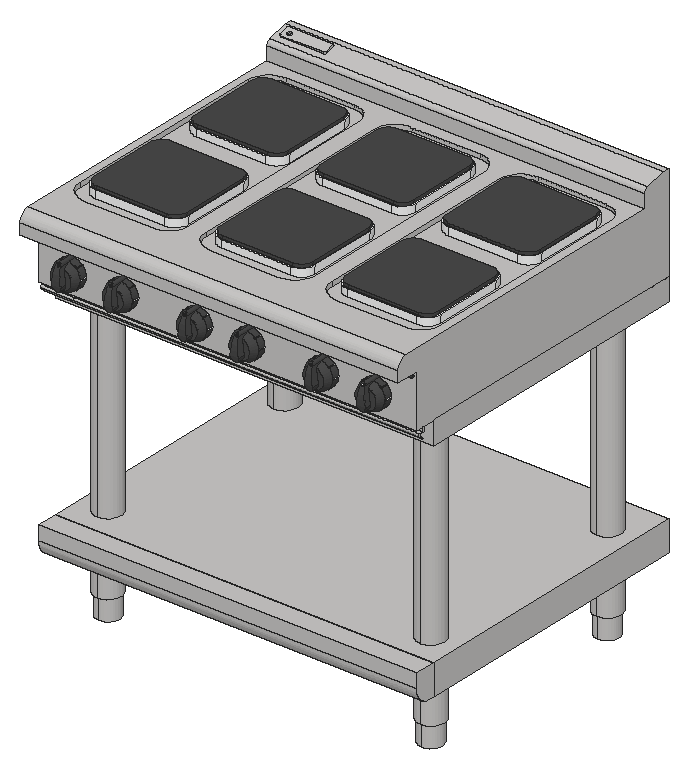
Revit family "QF_Moffat_RNL8600SE-LS_Electric_Cooktops_Sealed_Hobs_cat", category Specialty Equipment, Revit 2019
Family settings
  Round Connector Dimension = Use Diameter
  Part Type = Normal
  Work Plane-Based = No
  Always vertical = Yes
  Cut with Voids When Loaded = No
  Shared = No
  Room Calculation Point = No
Parameters (values of type "QF_Moffat_RNL8600SE-LS")
  Weight in Kilograms = 90
  Watts = 9130 W
  Volts = 415 V
  URL Cutsheet = ""
  Specification by User = ""
  Specification by Manufacturer = ""
  Serial Number = ""
  Seismic Rating = ""
  SMACNA No = ""
  Revision Code = ""
  Phase = 3
  Number of Poles = 1
  NAFEM Spec ID Number = ""
  Model = "RNL8600SE-LS"
  Min Ckt Ampacity = 0 A
  Max Overcurrent Protection = 0 A
  Masterspec = ""
  Manufacturer = "Moffat"
  Length = 900 mm
  Item Number = ""
  Installed By = ""
  Identify Quantity as Lot = yes
  Height = 970 mm
  HP = ""
  Furnished By = ""
  Foodservice Equipment Identifier = yes
  FL Amps = 22 A
  Electrical Remarks = ""
  Electric Connection Type = ""
  Elec Conn RI Height = 0 mm
  Elec Conn Connection Height = 0 mm
  Description = "Electric Cooktops Sealed Hobs"
  Depth = 805 mm
  Cycle = 60 Hz
  Conn Plug = ""
  Conn Conduit = yes
  CSI MasterFormat = ""
  Apparent Power = if(Phase = 3, Volts * FL Amps * 1.73, Volts * FL Amps)  # 15794.9 VA
Reference planes
  plane 1 "BACK": y = 0
  plane 2: z = 0
  plane 3 "LEFT": x = 0
  plane 4 "RIGHT": x = 900
  plane 5 "FRONT": y = -805
  plane 6 "TOP": z = 915
  plane 7 "Center Y": x = 450
  plane 8 "Center X": y = -402.5
  plane 9: x = 65.5
  plane 10: x = 87.5
  plane 11: x = 211.766
  plane 12: y = -30
  plane 13: x = 770
  plane 14: x = 512.5
  plane 15: x = 388.234
  plane 16: x = 834.5
  plane 17: y = -100
  plane 18: y = -625
  plane 19: x = 812.5
  plane 20: x = 688.234
  plane 21: z = 970
Forms (mm)
  Extrusion 1, solid, material "QF_Metal_Stainless_Polished"
    sketch origin (0, 0, 600) x (0, 1, 0) y (0, 0, 1)
      loop
        line (0, 140) -> (0, 370) -> (-15, 370) -> (-61.106, 357.646)
        arc (-61.106, 357.646) -> (-67.52, 353.36) -> (-70, 346.055) r 12
        line (-70, 346.055) -> (-70, 315) -> (-781, 315)
        arc (-781, 315) -> (-797.971, 307.971) -> (-805, 291) r 24
        line (-805, 291) -> (-805, 266) -> (-749, 266) -> (-749, 140) -> (0, 140)
    from 0 to 900
  Extrusion 2, void
    sketch origin (0, -773.8, 915) x (0, 1, 0) y (-1, 0, 0)
      loop
        arc (673.6, -69) -> (658.955, -33.645) -> (623.6, -19) r 50
        line (623.6, -19) -> (123.399, -19)
        arc (123.399, -19) -> (88.044, -33.645) -> (73.399, -69) r 50
        line (73.399, -69) -> (73.399, -231)
        arc (73.399, -231) -> (88.044, -266.355) -> (123.399, -281) r 50
        line (123.399, -281) -> (623.6, -281)
        arc (623.6, -281) -> (658.955, -266.355) -> (673.6, -231) r 50
        line (673.6, -231) -> (673.6, -69)
      loop
        line (673.6, -831) -> (673.6, -669)
        arc (673.6, -669) -> (658.955, -633.645) -> (623.6, -619) r 50
        line (623.6, -619) -> (123.399, -619)
        arc (123.399, -619) -> (88.044, -633.645) -> (73.399, -669) r 50
        line (73.399, -669) -> (73.399, -831)
        arc (73.399, -831) -> (88.044, -866.355) -> (123.399, -881) r 50
        line (123.399, -881) -> (623.6, -881)
        arc (623.6, -881) -> (658.955, -866.355) -> (673.6, -831) r 50
      loop
        line (73.399, -369) -> (73.399, -531)
        arc (73.399, -531) -> (88.044, -566.355) -> (123.399, -581) r 50
        line (123.399, -581) -> (623.6, -581)
        arc (623.6, -581) -> (658.955, -566.355) -> (673.6, -531) r 50
        line (673.6, -531) -> (673.6, -369)
        arc (673.6, -369) -> (658.955, -333.645) -> (623.6, -319) r 50
        line (623.6, -319) -> (123.399, -319)
        arc (123.399, -319) -> (88.044, -333.645) -> (73.399, -369) r 50
    from 0 to -9.5
  Extrusion 3, solid, material "QF_Plastic_White_Smooth"
    sketch origin (0, -773.8, 905.5) x (0, 1, 0) y (-1, 0, 0)
      loop
        arc (637.6, -68) -> (628.227, -45.373) -> (605.6, -36) r 32
        line (605.6, -36) -> (441.399, -36)
        arc (441.399, -36) -> (418.772, -45.373) -> (409.399, -68) r 32
        line (409.399, -68) -> (409.399, -232)
        arc (409.399, -232) -> (418.772, -254.627) -> (441.399, -264) r 32
        line (441.399, -264) -> (605.6, -264)
        arc (605.6, -264) -> (628.227, -254.627) -> (637.6, -232) r 32
        line (637.6, -232) -> (637.6, -68)
      loop
        arc (337.399, -68) -> (328.027, -45.373) -> (305.399, -36) r 32
        line (305.399, -36) -> (141.399, -36)
        arc (141.399, -36) -> (118.772, -45.373) -> (109.399, -68) r 32
        line (109.399, -68) -> (109.399, -232)
        arc (109.399, -232) -> (118.772, -254.627) -> (141.399, -264) r 32
        line (141.399, -264) -> (305.399, -264)
        arc (305.399, -264) -> (328.027, -254.627) -> (337.399, -232) r 32
        line (337.399, -232) -> (337.399, -68)
      loop
        arc (637.6, -368) -> (628.227, -345.373) -> (605.6, -336) r 32
        line (605.6, -336) -> (441.399, -336)
        arc (441.399, -336) -> (418.772, -345.373) -> (409.399, -368) r 32
        line (409.399, -368) -> (409.399, -532)
        arc (409.399, -532) -> (418.772, -554.627) -> (441.399, -564) r 32
        line (441.399, -564) -> (605.6, -564)
        arc (605.6, -564) -> (628.227, -554.627) -> (637.6, -532) r 32
        line (637.6, -532) -> (637.6, -368)
      loop
        arc (409.399, -832) -> (418.772, -854.627) -> (441.399, -864) r 32
        line (441.399, -864) -> (605.6, -864)
        arc (605.6, -864) -> (628.227, -854.627) -> (637.6, -832) r 32
        line (637.6, -832) -> (637.6, -668)
        arc (637.6, -668) -> (628.227, -645.373) -> (605.6, -636) r 32
        line (605.6, -636) -> (441.399, -636)
        arc (441.399, -636) -> (418.772, -645.373) -> (409.399, -668) r 32
        line (409.399, -668) -> (409.399, -832)
      loop
        arc (337.399, -368) -> (328.027, -345.373) -> (305.399, -336) r 32
        line (305.399, -336) -> (141.399, -336)
        arc (141.399, -336) -> (118.772, -345.373) -> (109.399, -368) r 32
        line (109.399, -368) -> (109.399, -532)
        arc (109.399, -532) -> (118.772, -554.627) -> (141.399, -564) r 32
        line (141.399, -564) -> (305.399, -564)
        arc (305.399, -564) -> (328.027, -554.627) -> (337.399, -532) r 32
        line (337.399, -532) -> (337.399, -368)
      loop
        arc (109.399, -832) -> (118.772, -854.627) -> (141.399, -864) r 32
        line (141.399, -864) -> (305.399, -864)
        arc (305.399, -864) -> (328.027, -854.627) -> (337.399, -832) r 32
        line (337.399, -832) -> (337.399, -668)
        arc (337.399, -668) -> (328.027, -645.373) -> (305.399, -636) r 32
        line (305.399, -636) -> (141.399, -636)
        arc (141.399, -636) -> (118.772, -645.373) -> (109.399, -668) r 32
        line (109.399, -668) -> (109.399, -832)
    from 0 to 17.8
  Extrusion 4, solid, material "QF_Plastic_Black_Smooth"
    sketch origin (0, -773.8, 923.3) x (0, 1, 0) y (-1, 0, 0)
      loop
        arc (633.6, -67) -> (625.692, -47.908) -> (606.6, -40) r 27
        line (606.6, -40) -> (440.399, -40)
        arc (440.399, -40) -> (421.308, -47.908) -> (413.399, -67) r 27
        line (413.399, -67) -> (413.399, -233)
        arc (413.399, -233) -> (421.308, -252.092) -> (440.399, -260) r 27
        line (440.399, -260) -> (606.6, -260)
        arc (606.6, -260) -> (625.692, -252.092) -> (633.6, -233) r 27
        line (633.6, -233) -> (633.6, -67)
      loop
        arc (333.399, -67) -> (325.491, -47.908) -> (306.399, -40) r 27
        line (306.399, -40) -> (140.399, -40)
        arc (140.399, -40) -> (121.308, -47.908) -> (113.399, -67) r 27
        line (113.399, -67) -> (113.399, -233)
        arc (113.399, -233) -> (121.308, -252.092) -> (140.399, -260) r 27
        line (140.399, -260) -> (306.399, -260)
        arc (306.399, -260) -> (325.491, -252.092) -> (333.399, -233) r 27
        line (333.399, -233) -> (333.399, -67)
      loop
        line (633.6, -833) -> (633.6, -667)
        arc (633.6, -667) -> (625.692, -647.908) -> (606.6, -640) r 27
        line (606.6, -640) -> (440.399, -640)
        arc (440.399, -640) -> (421.308, -647.908) -> (413.399, -667) r 27
        line (413.399, -667) -> (413.399, -833)
        arc (413.399, -833) -> (421.308, -852.092) -> (440.399, -860) r 27
        line (440.399, -860) -> (606.6, -860)
        arc (606.6, -860) -> (625.692, -852.092) -> (633.6, -833) r 27
      loop
        line (413.399, -367) -> (413.399, -533)
        arc (413.399, -533) -> (421.308, -552.092) -> (440.399, -560) r 27
        line (440.399, -560) -> (606.6, -560)
        arc (606.6, -560) -> (625.692, -552.092) -> (633.6, -533) r 27
        line (633.6, -533) -> (633.6, -367)
        arc (633.6, -367) -> (625.692, -347.908) -> (606.6, -340) r 27
        line (606.6, -340) -> (440.399, -340)
        arc (440.399, -340) -> (421.308, -347.908) -> (413.399, -367) r 27
      loop
        line (333.399, -833) -> (333.399, -667)
        arc (333.399, -667) -> (325.491, -647.908) -> (306.399, -640) r 27
        line (306.399, -640) -> (140.399, -640)
        arc (140.399, -640) -> (121.308, -647.908) -> (113.399, -667) r 27
        line (113.399, -667) -> (113.399, -833)
        arc (113.399, -833) -> (121.308, -852.092) -> (140.399, -860) r 27
        line (140.399, -860) -> (306.399, -860)
        arc (306.399, -860) -> (325.491, -852.092) -> (333.399, -833) r 27
      loop
        line (113.399, -367) -> (113.399, -533)
        arc (113.399, -533) -> (121.308, -552.092) -> (140.399, -560) r 27
        line (140.399, -560) -> (306.399, -560)
        arc (306.399, -560) -> (325.491, -552.092) -> (333.399, -533) r 27
        line (333.399, -533) -> (333.399, -367)
        arc (333.399, -367) -> (325.491, -347.908) -> (306.399, -340) r 27
        line (306.399, -340) -> (140.399, -340)
        arc (140.399, -340) -> (121.308, -347.908) -> (113.399, -367) r 27
    from 0 to 6.1
  Extrusion 5, solid, material "QF_Metal_Stainless_Polished"
    sketch origin (0, 0, 600) x (0, 1, 0) y (0, 0, 1)
      loop
        line (-699, 85) -> (0, 85) -> (0, 140) -> (-699, 140) -> (-699, 85)
    from 0 to 900
  Extrusion 6, solid, material "QF_Metal_Stainless_Polished"
    sketch origin (0, 0, 600) x (0, 1, 0) y (0, 0, 1)
      loop
        line (-730.6, 140) -> (-730.6, 130) -> (-740.105, 130)
        arc (-740.105, 130) -> (-743.076, 128.015) -> (-742.379, 124.511) r 3.215
        line (-742.379, 124.511) -> (-731.85, 113.982) -> (-730.719, 115.113) -> (-741.247, 125.642)
        arc (-741.247, 125.642) -> (-741.597, 127.403) -> (-740.105, 128.4) r 1.615
        line (-740.105, 128.4) -> (-729, 128.4) -> (-729, 140) -> (-730.6, 140)
    from 0 to 900
  Extrusion 7, solid, material "QF_Metal_Stainless_Polished"
    sketch origin (450, 175.397, 1819.2) x (0, 1, 0) y (0, 0, 1)
      loop
        line (-874.397, -1109.2) -> (-889.234, -1109.2)
        arc (-889.234, -1109.2) -> (-890.834, -1110.8) -> (-889.234, -1112.4) r 1.6
        line (-889.234, -1112.4) -> (-874.397, -1112.4) -> (-874.397, -1109.2)
    from -400 to 400
  Extrusion 8, solid, material "QF_Paint_Green"
    sketch origin (0, -749, 711.25) x (0, 0, 1) y (-1, 0, 0)
      loop
        circle (129.8, -732.5) r 7.15
      loop
        circle (129.8, -857.5) r 7.15
      loop
        circle (129.8, -431.766) r 7.15
      loop
        circle (129.8, -556.766) r 7.15
      loop
        circle (129.8, -131.031) r 7.15
      loop
        circle (129.8, -256.031) r 7.15
    from 0 to 1.6
  Extrusion 9, solid, material "QF_Plastic_Black_Smooth"
    sketch origin (0, -749, 711.25) x (0, 0, 1) y (-1, 0, 0)
      loop
        circle (142.343, -13.157) r 5
      loop
        circle (142.343, -886.843) r 5
    from 0 to 1.6
  Extrusion 10, solid, material "QF_Metal_Stainless_Polished"
    sketch origin (-6096, 287.266, 675) x (0, 1, 0) y (-1, 0, 0)
      loop
        circle (-317.266, -6866) r 6.35
    from 10 to 0
  Extrusion 11, solid, material "QF_Metal_Stainless_Polished"
    sketch origin (0, 0, 0) x (0, 1, 0) y (0, 0, 1)
      loop
        line (-749, 222.5) -> (-749, 188)
        arc (-749, 188) -> (-737.87, 161.13) -> (-711, 150) r 38
        line (-711, 150) -> (-699, 150) -> (-699, 222.5) -> (-749, 222.5)
    from 0 to 900
  Revolve 12, solid, material "QF_Metal_Stainless_Polished"
    sketch origin (65.5, -4572, -304.8) x (0, 0, -1) y (0, -1, 0)
      loop
        line (-304.8, -3947) -> (-989.8, -3947) -> (-989.8, -3978.75) -> (-354.8, -3978.75) -> (-354.8, -3974.5) -> (-304.8, -3974.5) -> (-304.8, -3947)
      axis (-989.8, -3947) -> (-304.8, -3947)
    angle from 0 to 360
  Revolve 13, solid, material "QF_Metal_Stainless_Polished"
    sketch origin (834.5, -4572, -304.8) x (0, 0, -1) y (0, 1, 0)
      loop
        line (-304.8, 3947) -> (-304.8, 3974.5) -> (-354.8, 3974.5) -> (-354.8, 3978.75) -> (-989.8, 3978.75) -> (-989.8, 3947) -> (-304.8, 3947)
      axis (-989.8, 3947) -> (-304.8, 3947)
    angle from 0 to 360
  Extrusion 14, solid, material "QF_Metal_Stainless_Polished"
    sketch origin (0, 0, 0) x (0, 1, 0) y (0, 0, 1)
      loop
        line (-699, 222.5) -> (-699, 150) -> (0, 150) -> (0, 222.5) -> (-699, 222.5)
    from 0 to 900
  Revolve 15, solid, material "QF_Metal_Stainless_Polished"
    sketch origin (834.5, 3847, -304.8) x (0, 0, -1) y (0, 1, 0)
      loop
        line (-304.8, -3947) -> (-989.8, -3947) -> (-989.8, -3978.75) -> (-354.8, -3978.75) -> (-354.8, -3974.5) -> (-304.8, -3974.5) -> (-304.8, -3947)
      axis (-989.8, -3947) -> (-304.8, -3947)
    angle from 0 to 360
  Revolve 16, solid, material "QF_Metal_Stainless_Polished"
    sketch origin (65.5, 3847, -304.8) x (0, 0, -1) y (0, -1, 0)
      loop
        line (-304.8, 3947) -> (-304.8, 3974.5) -> (-354.8, 3974.5) -> (-354.8, 3978.75) -> (-989.8, 3978.75) -> (-989.8, 3947) -> (-304.8, 3947)
      axis (-989.8, 3947) -> (-304.8, 3947)
    angle from 0 to 360
Cuts and joins
  Extrusion 2 cuts Extrusion 1
  joined: Extrusion 5, Extrusion 11
  joined: Revolve 12, Revolve 13, Extrusion 14, Revolve 15, Revolve 16
Lines and regions (mm)
  symbolic lines
    curve 1: line (0, 0, 0) -> (900, 0, 0)
    curve 2: line (0, -805, 0) -> (0, 0, 0)
    curve 3: line (900, -805, 0) -> (0, -805, 0)
    curve 4: line (900, 0, 0) -> (900, -805, 0)
    curve 5: arc (19, -150.2, 0) -> (33.645, -114.845, 0) -> (69, -100.2, 0) r 50
    curve 6: line (69, -100.2, 0) -> (231, -100.2, 0)
    curve 7: arc (231, -100.2, 0) -> (266.355, -114.845, 0) -> (281, -150.2, 0) r 50
    curve 8: line (281, -150.2, 0) -> (281, -650.401, 0)
    curve 9: arc (281, -650.401, 0) -> (266.355, -685.756, 0) -> (231, -700.401, 0) r 50
    curve 10: line (231, -700.401, 0) -> (69, -700.401, 0)
    curve 11: arc (69, -700.401, 0) -> (33.645, -685.756, 0) -> (19, -650.401, 0) r 50
    curve 12: line (19, -650.401, 0) -> (19, -150.2, 0)
    curve 13: line (232, -136.2, 0) -> (68, -136.2, 0)
    curve 14: arc (68, -136.2, 0) -> (45.373, -145.573, 0) -> (36, -168.2, 0) r 32
    curve 15: line (36, -168.2, 0) -> (36, -332.401, 0)
    curve 16: arc (36, -332.401, 0) -> (45.373, -355.028, 0) -> (68, -364.401, 0) r 32
    curve 17: line (68, -364.401, 0) -> (232, -364.401, 0)
    curve 18: arc (232, -364.401, 0) -> (254.627, -355.028, 0) -> (264, -332.401, 0) r 32
    curve 19: line (264, -332.401, 0) -> (264, -168.2, 0)
    curve 20: arc (264, -168.2, 0) -> (254.627, -145.573, 0) -> (232, -136.2, 0) r 32
    curve 21: line (233, -140.2, 0) -> (67, -140.2, 0)
    curve 22: arc (67, -140.2, 0) -> (47.908, -148.108, 0) -> (40, -167.2, 0) r 27
    curve 23: line (40, -167.2, 0) -> (40, -333.401, 0)
    curve 24: arc (40, -333.401, 0) -> (47.908, -352.492, 0) -> (67, -360.401, 0) r 27
    curve 25: line (67, -360.401, 0) -> (233, -360.401, 0)
    curve 26: arc (233, -360.401, 0) -> (252.092, -352.492, 0) -> (260, -333.401, 0) r 27
    curve 27: line (260, -333.401, 0) -> (260, -167.2, 0)
    curve 28: arc (260, -167.2, 0) -> (252.092, -148.108, 0) -> (233, -140.2, 0) r 27
    curve 29: line (232, -436.401, 0) -> (68, -436.401, 0)
    curve 30: arc (68, -436.401, 0) -> (45.373, -445.773, 0) -> (36, -468.401, 0) r 32
    curve 31: line (36, -468.401, 0) -> (36, -632.401, 0)
    curve 32: arc (36, -632.401, 0) -> (45.373, -655.028, 0) -> (68, -664.401, 0) r 32
    curve 33: line (68, -664.401, 0) -> (232, -664.401, 0)
    curve 34: arc (232, -664.401, 0) -> (254.627, -655.028, 0) -> (264, -632.401, 0) r 32
    curve 35: line (264, -632.401, 0) -> (264, -468.401, 0)
    curve 36: arc (264, -468.401, 0) -> (254.627, -445.773, 0) -> (232, -436.401, 0) r 32
    curve 37: line (233, -440.401, 0) -> (67, -440.401, 0)
    curve 38: arc (67, -440.401, 0) -> (47.908, -448.309, 0) -> (40, -467.401, 0) r 27
    curve 39: line (40, -467.401, 0) -> (40, -633.401, 0)
    curve 40: arc (40, -633.401, 0) -> (47.908, -652.492, 0) -> (67, -660.401, 0) r 27
    curve 41: line (67, -660.401, 0) -> (233, -660.401, 0)
    curve 42: arc (233, -660.401, 0) -> (252.092, -652.492, 0) -> (260, -633.401, 0) r 27
    curve 43: line (260, -633.401, 0) -> (260, -467.401, 0)
    curve 44: arc (260, -467.401, 0) -> (252.092, -448.309, 0) -> (233, -440.401, 0) r 27
    curve 45: arc (367, -440.401, 0) -> (347.908, -448.309, 0) -> (340, -467.401, 0) r 27
    curve 46: line (340, -467.401, 0) -> (340, -633.401, 0)
    curve 47: arc (340, -633.401, 0) -> (347.908, -652.492, 0) -> (367, -660.401, 0) r 27
    curve 48: line (367, -660.401, 0) -> (533, -660.401, 0)
    curve 49: arc (533, -660.401, 0) -> (552.092, -652.492, 0) -> (560, -633.401, 0) r 27
    curve 50: line (560, -633.401, 0) -> (560, -467.401, 0)
    curve 51: arc (560, -467.401, 0) -> (552.092, -448.309, 0) -> (533, -440.401, 0) r 27
    curve 52: line (533, -440.401, 0) -> (367, -440.401, 0)
    curve 53: arc (368, -436.401, 0) -> (345.373, -445.773, 0) -> (336, -468.401, 0) r 32
    curve 54: line (336, -468.401, 0) -> (336, -632.401, 0)
    curve 55: arc (336, -632.401, 0) -> (345.373, -655.028, 0) -> (368, -664.401, 0) r 32
    curve 56: line (368, -664.401, 0) -> (532, -664.401, 0)
    curve 57: arc (532, -664.401, 0) -> (554.627, -655.028, 0) -> (564, -632.401, 0) r 32
    curve 58: line (564, -632.401, 0) -> (564, -468.401, 0)
    curve 59: arc (564, -468.401, 0) -> (554.627, -445.773, 0) -> (532, -436.401, 0) r 32
    curve 60: line (532, -436.401, 0) -> (368, -436.401, 0)
    curve 61: line (319, -650.401, 0) -> (319, -150.2, 0)
    curve 62: arc (319, -150.2, 0) -> (333.645, -114.845, 0) -> (369, -100.2, 0) r 50
    curve 63: line (369, -100.2, 0) -> (531, -100.2, 0)
    curve 64: arc (531, -100.2, 0) -> (566.355, -114.845, 0) -> (581, -150.2, 0) r 50
    curve 65: line (581, -150.2, 0) -> (581, -650.401, 0)
    curve 66: arc (581, -650.401, 0) -> (566.355, -685.756, 0) -> (531, -700.401, 0) r 50
    curve 67: line (531, -700.401, 0) -> (369, -700.401, 0)
    curve 68: arc (369, -700.401, 0) -> (333.645, -685.756, 0) -> (319, -650.401, 0) r 50
    curve 69: arc (368, -136.2, 0) -> (345.373, -145.573, 0) -> (336, -168.2, 0) r 32
    curve 70: line (336, -168.2, 0) -> (336, -332.401, 0)
    curve 71: arc (336, -332.401, 0) -> (345.373, -355.028, 0) -> (368, -364.401, 0) r 32
    curve 72: line (368, -364.401, 0) -> (532, -364.401, 0)
    curve 73: arc (532, -364.401, 0) -> (554.627, -355.028, 0) -> (564, -332.401, 0) r 32
    curve 74: line (564, -332.401, 0) -> (564, -168.2, 0)
    curve 75: arc (564, -168.2, 0) -> (554.627, -145.573, 0) -> (532, -136.2, 0) r 32
    curve 76: line (532, -136.2, 0) -> (368, -136.2, 0)
    curve 77: arc (367, -140.2, 0) -> (347.908, -148.108, 0) -> (340, -167.2, 0) r 27
    curve 78: line (340, -167.2, 0) -> (340, -333.401, 0)
    curve 79: arc (340, -333.401, 0) -> (347.908, -352.492, 0) -> (367, -360.401, 0) r 27
    curve 80: line (367, -360.401, 0) -> (533, -360.401, 0)
    curve 81: arc (533, -360.401, 0) -> (552.092, -352.492, 0) -> (560, -333.401, 0) r 27
    curve 82: line (560, -333.401, 0) -> (560, -167.2, 0)
    curve 83: arc (560, -167.2, 0) -> (552.092, -148.108, 0) -> (533, -140.2, 0) r 27
    curve 84: line (533, -140.2, 0) -> (367, -140.2, 0)
    curve 85: line (619, -650.401, 0) -> (619, -150.2, 0)
    curve 86: arc (619, -150.2, 0) -> (633.645, -114.845, 0) -> (669, -100.2, 0) r 50
    curve 87: line (669, -100.2, 0) -> (831, -100.2, 0)
    curve 88: arc (831, -100.2, 0) -> (866.355, -114.845, 0) -> (881, -150.2, 0) r 50
    curve 89: line (881, -150.2, 0) -> (881, -650.401, 0)
    curve 90: line (831, -700.401, 0) -> (669, -700.401, 0)
    curve 91: arc (669, -700.401, 0) -> (633.645, -685.756, 0) -> (619, -650.401, 0) r 50
    curve 92: arc (636, -632.401, 0) -> (645.373, -655.028, 0) -> (668, -664.401, 0) r 32
    curve 93: line (668, -664.401, 0) -> (832, -664.401, 0)
    curve 94: arc (832, -664.401, 0) -> (854.627, -655.028, 0) -> (864, -632.401, 0) r 32
    curve 95: line (864, -632.401, 0) -> (864, -468.401, 0)
    curve 96: arc (864, -468.401, 0) -> (854.627, -445.773, 0) -> (832, -436.401, 0) r 32
    curve 97: line (832, -436.401, 0) -> (668, -436.401, 0)
    curve 98: arc (668, -436.401, 0) -> (645.373, -445.773, 0) -> (636, -468.401, 0) r 32
    curve 99: line (636, -468.401, 0) -> (636, -632.401, 0)
    curve 100: arc (640, -633.401, 0) -> (647.908, -652.492, 0) -> (667, -660.401, 0) r 27
    curve 101: line (667, -660.401, 0) -> (833, -660.401, 0)
    curve 102: arc (833, -660.401, 0) -> (852.092, -652.492, 0) -> (860, -633.401, 0) r 27
    curve 103: line (860, -633.401, 0) -> (860, -467.401, 0)
    curve 104: arc (860, -467.401, 0) -> (852.092, -448.309, 0) -> (833, -440.401, 0) r 27
    curve 105: line (833, -440.401, 0) -> (667, -440.401, 0)
    curve 106: arc (667, -440.401, 0) -> (647.908, -448.309, 0) -> (640, -467.401, 0) r 27
    curve 107: line (640, -467.401, 0) -> (640, -633.401, 0)
    curve 108: line (832, -136.2, 0) -> (668, -136.2, 0)
    curve 109: arc (668, -136.2, 0) -> (645.373, -145.573, 0) -> (636, -168.2, 0) r 32
    curve 110: line (636, -168.2, 0) -> (636, -332.401, 0)
    curve 111: arc (636, -332.401, 0) -> (645.373, -355.028, 0) -> (668, -364.401, 0) r 32
    curve 112: line (668, -364.401, 0) -> (832, -364.401, 0)
    curve 113: arc (832, -364.401, 0) -> (854.627, -355.028, 0) -> (864, -332.401, 0) r 32
    curve 114: line (864, -332.401, 0) -> (864, -168.2, 0)
    curve 115: arc (864, -168.2, 0) -> (854.627, -145.573, 0) -> (832, -136.2, 0) r 32
    curve 116: line (833, -140.2, 0) -> (667, -140.2, 0)
    curve 117: arc (667, -140.2, 0) -> (647.908, -148.108, 0) -> (640, -167.2, 0) r 27
    curve 118: line (640, -167.2, 0) -> (640, -333.401, 0)
    curve 119: arc (640, -333.401, 0) -> (647.908, -352.492, 0) -> (667, -360.401, 0) r 27
    curve 120: line (667, -360.401, 0) -> (833, -360.401, 0)
    curve 121: arc (833, -360.401, 0) -> (852.092, -352.492, 0) -> (860, -333.401, 0) r 27
    curve 122: line (860, -333.401, 0) -> (860, -167.2, 0)
    curve 123: arc (860, -167.2, 0) -> (852.092, -148.108, 0) -> (833, -140.2, 0) r 27
    curve 124: arc (831, -700.401, 0) -> (866.355, -685.756, 0) -> (881, -650.401, 0) r 50
    curve 125: line (0, -70, 0) -> (900, -70, 0)
    curve 126: line (0, -15, 0) -> (900, -15, 0)
Dimensions and locks
  equal spacing: plane 3 "LEFT", plane 7 "Center Y", plane 4 "RIGHT"
  "Length": plane 3 "LEFT" to plane 4 "RIGHT"
  equal spacing: plane 5 "FRONT", plane 8 "Center X", plane 1 "BACK"
  "Depth": plane 5 "FRONT" to plane 1 "BACK"
  plane 4 "RIGHT" to plane 3 "LEFT" = 900 mm
  plane 1 "BACK" to plane 5 "FRONT" = 805 mm
  plane 6 "TOP" to plane 2 = 915 mm
  cut or joined group of Extrusion 1, Extrusion 2 to plane 2 = 915 mm
  locked: plane 13 to plane 4 "RIGHT" at 130
  plane 9 to plane 16 = 769 mm
  plane 1 "BACK" to plane 17 = 100 mm
  plane 17 to plane 18 = 525 mm
  plane 1 "BACK" to plane 12 = 30 mm
  plane 5 "FRONT" to plane 1 "BACK" = 805 mm
  "Height": plane 21 to level
  aligned and locked: level to plane 2
Automatic sketch dimensions
  Extrusion 1 sketch curve to plane 5 "FRONT" = 0 mm
  Extrusion 1 sketch curve to plane 5 "FRONT" = 24 mm
  Extrusion 1 sketch curve to Extrusion 1 sketch curve = 32 mm
  Extrusion 1 sketch curve to Extrusion 1 sketch curve = 25 mm
  Extrusion 2 sketch curve to Extrusion 1 = 80.599 mm  (x3)
  Extrusion 2 sketch curve to Extrusion 2 sketch curve = 50 mm  (x8)
  Extrusion 2 sketch curve to Extrusion 2 sketch curve = 0 mm  (x4)
  Extrusion 1 to Extrusion 2 sketch curve = 19 mm  (x2)
  Extrusion 2 sketch curve to Extrusion 2 sketch curve = 162 mm  (x2)
  Extrusion 2 sketch curve to Extrusion 2 sketch curve = 38 mm  (x2)
  Extrusion 3 sketch curve to Extrusion 2 = 36 mm  (x3)
  Extrusion 3 sketch curve to Extrusion 3 sketch curve = 32 mm  (x17)
  Extrusion 3 sketch curve to Extrusion 2 = 17 mm  (x9)
  Extrusion 3 sketch curve to Extrusion 2 = 49 mm  (x5)
  Extrusion 3 sketch curve to Extrusion 3 sketch curve = 164 mm  (x3)
  Extrusion 3 sketch curve to Extrusion 3 sketch curve = 0 mm  (x2)
  Extrusion 3 sketch curve to Extrusion 3 sketch curve = 72 mm  (x3)
  Extrusion 3 sketch curve to Extrusion 2 = 68 mm  (x6)
  Extrusion 4 sketch curve to Extrusion 3 = 4 mm  (x22)
  Extrusion 4 sketch curve to Extrusion 3 = 31 mm  (x22)
  Extrusion 4 sketch curve to Extrusion 4 sketch curve = 27 mm  (x4)
  Extrusion 5 sketch curve to plane 1 "BACK" = 0 mm
  plane 18 to Extrusion 5 sketch curve = 74 mm
  Extrusion 5 sketch curve to Extrusion 5 sketch curve = 55 mm
  Extrusion 6 sketch curve to Extrusion 6 sketch curve = 0 mm  (x3)
  Extrusion 6 sketch curve to plane 5 "FRONT" = 62.621 mm
  Extrusion 6 sketch curve to Extrusion 6 sketch curve = 1.131 mm  (x3)
  Extrusion 6 sketch curve to Extrusion 6 sketch curve = 1.142 mm  (x2)
  Extrusion 6 sketch curve to Extrusion 6 sketch curve = 10.529 mm
  Extrusion 6 sketch curve to Extrusion 6 sketch curve = 9.505 mm
  Extrusion 6 sketch curve to Extrusion 6 sketch curve = 1.6 mm
  Extrusion 6 sketch curve to Extrusion 6 sketch curve = 10 mm
  plane 18 to Extrusion 7 sketch curve = 88.837 mm
  Extrusion 7 sketch curve to Extrusion 7 sketch curve = 14.837 mm
  Extrusion 7 sketch curve to Extrusion 7 sketch curve = 1.6 mm
  Extrusion 8 sketch curve to Extrusion 1 = 24.95 mm  (x6)
  Extrusion 1 to Extrusion 8 sketch curve = 42.5 mm
  Extrusion 8 sketch curve to Extrusion 8 sketch curve = 125 mm  (x3)
  Extrusion 8 sketch curve to Extrusion 8 sketch curve = 175.734 mm  (x2)
  Extrusion 9 sketch curve to Extrusion 1 = 12.407 mm  (x2)
  Extrusion 1 to Extrusion 9 sketch curve = 13.157 mm  (x2)
  plane 12 to Extrusion 10 sketch curve = 0 mm
  Extrusion 10 sketch curve to plane 13 = 0 mm
  Extrusion 11 sketch curve to plane 5 "FRONT" = 56 mm
  Extrusion 11 sketch curve to Extrusion 11 sketch curve = 12 mm
  Extrusion 11 sketch curve to Extrusion 11 sketch curve = 34.5 mm
  Revolve 12 sketch curve to plane 18 = 0 mm  (x2)
  Revolve 12 sketch curve to level = 0 mm  (x2)
  Revolve 12 sketch curve to Revolve 12 sketch curve = 50 mm
  Revolve 12 sketch curve to plane 18 = 27.5 mm
  Revolve 12 sketch curve to Revolve 12 sketch curve = 31.75 mm
  Revolve 12 sketch curve to Revolve 12 sketch curve = 35 mm
  Revolve 13 sketch curve to plane 18 = 0 mm  (x2)
  Revolve 13 sketch curve to level = 0 mm  (x2)
  level to Revolve 13 sketch curve = 50 mm
  Revolve 13 sketch curve to Revolve 13 sketch curve = 27.5 mm
  Revolve 13 sketch curve to Revolve 13 sketch curve = 31.75 mm
  Revolve 13 sketch curve to Revolve 13 sketch curve = 35 mm
  Extrusion 14 sketch curve to plane 1 "BACK" = 0 mm
  plane 18 to Extrusion 14 sketch curve = 74 mm
  Extrusion 14 sketch curve to Extrusion 14 sketch curve = 72.5 mm
  Revolve 15 sketch curve to plane 17 = 0 mm  (x2)
  Revolve 15 sketch curve to level = 0 mm  (x2)
  Revolve 15 sketch curve to Revolve 15 sketch curve = 50 mm
  plane 17 to Revolve 15 sketch curve = 27.5 mm
  Revolve 15 sketch curve to Revolve 15 sketch curve = 31.75 mm
  Revolve 15 sketch curve to level = 35 mm
  Revolve 16 sketch curve to plane 17 = 0 mm  (x2)
  Revolve 16 sketch curve to level = 0 mm  (x2)
  Revolve 16 sketch curve to Revolve 16 sketch curve = 50 mm
  Revolve 16 sketch curve to Revolve 16 sketch curve = 27.5 mm
  Revolve 16 sketch curve to Revolve 16 sketch curve = 31.75 mm
  Revolve 16 sketch curve to level = 35 mm
  plane 1 "BACK" to curve 1 = 0 mm
  curve 1 to plane 3 "LEFT" = 0 mm
  curve 4 to plane 4 "RIGHT" = 0 mm
  plane 5 "FRONT" to curve 3 = 0 mm
  plane 3 "LEFT" to curve 12 = 19 mm
  curve 12 to curve 15 = 17 mm
  plane 9 to curve 31 = 29.5 mm
  curve 31 to curve 39 = 4 mm
  curve 15 to curve 23 = 4 mm
  curve 24 to plane 9 = 1.5 mm
  curve 22 to plane 9 = 1.5 mm
  curve 40 to plane 9 = 1.5 mm
  curve 38 to plane 9 = 1.5 mm
  curve 22 to curve 14 = 1 mm
  curve 24 to curve 16 = 1 mm
  curve 33 to plane 9 = 2.5 mm
  curve 38 to curve 30 = 1 mm
  curve 5 to plane 9 = 3.5 mm
  curve 10 to plane 9 = 3.5 mm
  plane 11 to curve 7 = 19.234 mm
  plane 11 to curve 10 = 19.234 mm
  plane 11 to curve 36 = 20.234 mm
  curve 9 to curve 34 = 1 mm
  plane 11 to curve 17 = 20.234 mm
  curve 7 to curve 13 = 1 mm
  curve 33 to curve 41 = 1 mm
  curve 20 to curve 21 = 1 mm
  curve 36 to curve 44 = 1 mm  (x2)
  curve 17 to curve 25 = 1 mm
  curve 26 to curve 27 = 27 mm
  curve 44 to curve 43 = 27 mm
  curve 43 to curve 35 = 4 mm
  curve 26 to curve 19 = 4 mm
  curve 19 to curve 8 = 17 mm
  curve 8 to curve 61 = 38 mm
  curve 62 to curve 70 = 17 mm
  plane 15 to curve 54 = 52.234 mm
  curve 53 to curve 46 = 4 mm
  curve 69 to curve 78 = 4 mm
  plane 18 to curve 47 = 8.401 mm
  plane 15 to curve 47 = 21.234 mm
  plane 15 to curve 80 = 21.234 mm
  plane 15 to curve 77 = 21.234 mm
  plane 15 to curve 52 = 21.234 mm
  curve 47 to curve 55 = 1 mm
  curve 45 to curve 53 = 1 mm
  curve 77 to curve 76 = 1 mm
  curve 79 to curve 72 = 1 mm
  curve 48 to curve 68 = 2 mm
  plane 17 to curve 63 = 0.2 mm
  plane 15 to curve 63 = 19.234 mm
  plane 14 to curve 67 = 18.5 mm
  plane 14 to curve 63 = 18.5 mm
  plane 14 to curve 72 = 19.5 mm
  curve 66 to curve 56 = 1 mm
  curve 64 to curve 76 = 1 mm
  plane 14 to curve 59 = 19.5 mm
  curve 59 to curve 52 = 1 mm
  curve 73 to curve 80 = 1 mm
  curve 75 to curve 83 = 1 mm
  curve 57 to curve 49 = 1 mm
  curve 51 to curve 50 = 27 mm
  curve 83 to curve 82 = 27 mm
  curve 83 to curve 74 = 4 mm
  curve 50 to curve 58 = 4 mm
  curve 57 to curve 65 = 17 mm
  curve 64 to curve 85 = 38 mm
  plane 20 to curve 99 = 52.234 mm
  plane 20 to curve 110 = 52.234 mm
  curve 99 to curve 107 = 4 mm
  curve 110 to curve 118 = 4 mm
  plane 20 to curve 119 = 21.234 mm
  plane 20 to curve 117 = 21.234 mm
  plane 20 to curve 106 = 21.234 mm
  plane 20 to curve 101 = 21.234 mm
  curve 101 to curve 93 = 1 mm
  curve 119 to curve 112 = 1 mm
  curve 117 to curve 108 = 1 mm
  curve 106 to curve 97 = 1 mm
  plane 20 to curve 90 = 19.234 mm
  curve 116 to curve 86 = 2 mm
  plane 17 to curve 87 = 0.2 mm
  curve 87 to plane 16 = 3.5 mm
  curve 115 to plane 16 = 2.5 mm
  curve 112 to plane 16 = 2.5 mm
  curve 93 to plane 16 = 2.5 mm
  curve 97 to plane 16 = 2.5 mm
  curve 96 to curve 104 = 1 mm
  curve 116 to plane 16 = 1.5 mm
  curve 94 to curve 102 = 1 mm
  curve 113 to curve 121 = 1 mm
  plane 16 to curve 122 = 25.5 mm
  plane 16 to curve 103 = 25.5 mm
  curve 103 to curve 95 = 4 mm
  curve 121 to curve 114 = 4 mm
  plane 4 "RIGHT" to curve 89 = 19 mm
  plane 18 to curve 90 = 75.401 mm
  plane 18 to curve 10 = 75.401 mm
  curve 67 to curve 47 = 40 mm
  curve 56 to curve 48 = 4 mm
  curve 33 to curve 11 = 14 mm
  curve 33 to curve 41 = 4 mm
  curve 93 to curve 101 = 4 mm
  curve 36 to plane 8 "Center X" = 65.901 mm
  curve 53 to plane 8 "Center X" = 65.901 mm
  curve 99 to plane 8 "Center X" = 65.901 mm
  curve 53 to curve 45 = 1 mm
  curve 98 to curve 106 = 1 mm
  plane 8 "Center X" to curve 112 = 38.099 mm
  plane 8 "Center X" to curve 17 = 38.099 mm
  plane 8 "Center X" to curve 72 = 38.099 mm
  curve 112 to curve 120 = 4 mm
  curve 71 to curve 80 = 4 mm
  curve 17 to curve 25 = 4 mm
  plane 17 to curve 14 = 68.2 mm
  curve 69 to curve 62 = 18 mm
  curve 110 to curve 86 = 18 mm
  curve 69 to curve 77 = 1 mm
  curve 110 to curve 118 = 1 mm
  curve 14 to curve 22 = 1 mm
  curve 7 to curve 28 = 10 mm
  curve 90 to plane 16 = 3.5 mm
  curve 89 to curve 94 = 18 mm
  Extrusion 1 sketch curve to Extrusion 1 sketch curve = 126 mm
  Extrusion 5 sketch curve to plane 6 "TOP" = 230 mm
  Extrusion 6 sketch curve to plane 6 "TOP" = 201.018 mm
  Extrusion 7 sketch curve to plane 6 "TOP" = 208.2 mm
  Revolve 12 sketch curve to plane 6 "TOP" = 230 mm
  Revolve 13 sketch curve to plane 6 "TOP" = 230 mm
  Revolve 15 sketch curve to plane 6 "TOP" = 230 mm
  Revolve 16 sketch curve to plane 6 "TOP" = 230 mm
  Extrusion 11 sketch curve to Extrusion 11 sketch curve = 38 mm
  level to Extrusion 11 sketch curve = 150 mm
  level to Extrusion 14 sketch curve = 150 mm
  plane 12 to Extrusion 1 sketch curve = 31.106 mm
  Extrusion 1 sketch curve to Extrusion 1 sketch curve = 3.106 mm
  plane 6 "TOP" to Extrusion 1 sketch curve = 31.055 mm
  Extrusion 1 sketch curve to Extrusion 1 sketch curve = 11.591 mm
  plane 1 "BACK" to Extrusion 1 sketch curve = 15 mm
  Extrusion 1 sketch curve to Extrusion 1 sketch curve = 12.354 mm
  Extrusion 1 sketch curve to plane 1 "BACK" = 0 mm
  Extrusion 1 sketch curve to plane 6 "TOP" = 0 mm
  Extrusion 2 sketch curve to Extrusion 1 = 80.2 mm  (x3)
  curve 125 to plane 17 = 30 mm
  curve 126 to curve 1 = 15 mm
  radius of Extrusion 8 sketch curve = 7.15 mm  (x6)
  radius of Extrusion 9 sketch curve = 5 mm  (x2)
  radius of Extrusion 10 sketch curve = 6.35 mm
Nested families
  nested 1: "Knob" at (55.003, -749, 764.5), type "Knob"
  nested 2: "Knob" at (179.269, -749, 764.5), type "Knob"
  nested 3: "Knob" at (355.738, -749, 764.5), type "Knob"
  nested 4: "Knob" at (480.003, -749, 764.5), type "Knob"
  nested 5: "Knob" at (656.472, -749, 764.5), type "Knob"
  nested 6: "Knob" at (780.738, -749, 764.5), type "Knob"
  nested 7: "QF_LOGO_Waldorf" at (12, -21.368, 941.583), type "QF_LOGO_Waldorf"
Connectors
  electrical at (770, -30, 675), driven by "Volts", driven by "Watts"
    settings: on Extrusion 10, index 1, voltage 415 V, apparent load 9130 VA, apparent load phase1 0 VA, apparent load phase2 0 VA, apparent load phase3 0 VA, power factor 1, load classification "Other", number of poles 1, system type 30, power factor state 1, is connector primary yes, connector utility no, sub classification motor no, connector description "Electrical Connection"
Definition of nested family "Knob"
  Parameters (values of type "Knob")
    Weight in Pounds = 0
    URL Cutsheet = ""
    Specification by User = ""
    Specification by Manufacturer = ""
    Serial Number = ""
    Seismic Rating = ""
    SMACNA No = ""
    Revision Code = ""
    NAFEM Spec ID Number = ""
    Masterspec = ""
    Length = 65 mm
    Item Number = ""
    Installed By = ""
    Identify Quantity as Lot = yes
    Height = 69.5 mm
    Furnished By = ""
    Foodservice Equipment Identifier = yes
    Depth = 59 mm
    CSI MasterFormat = ""
  Reference planes
    plane 1 "BACK": y = 0
    plane 2: z = 0
    plane 3 "LEFT": x = 0
    plane 4 "RIGHT": x = 65
    plane 5 "FRONT": y = -59
    plane 6 "TOP": z = 69.5
    plane 7 "Center Y": x = 32.5
    plane 8 "Center X": y = -29.5
  Forms (mm)
    Revolve 1, solid
      sketch origin (32.5, 175.397, 1219.2) x (0, 1, 0) y (0, 0, 1)
        loop
          line (-175.397, -1186.7) -> (-219.397, -1186.7) -> (-219.397, -1211.501) -> (-202.106, -1219.2) -> (-185.397, -1219.2) -> (-185.397, -1191.7) -> (-175.397, -1191.7) -> (-175.397, -1186.7)
        axis (-219.397, -1186.7) -> (-175.397, -1186.7)
      angle from 0 to 360
    Extrusion 2, solid
      sketch origin (32.5, 175.397, 1219.2) x (0, 1, 0) y (0, 0, 1)
        loop
          line (-202.106, -1154.2) -> (-185.397, -1154.2) -> (-185.397, -1149.7) -> (-224.105, -1149.7)
          arc (-224.105, -1149.7) -> (-233.965, -1178.467) -> (-230.696, -1208.7) r 70
          line (-230.696, -1208.7) -> (-219.397, -1208.7) -> (-219.397, -1161.899) -> (-202.106, -1154.2)
      from -15 to 15
    Extrusion 3, void
      sketch origin (0, 0, 0) x (1, 0, 0) y (0, 0, 1)
        loop
          line (27.501, 64.613) -> (22.02, 20.585)
          arc (22.02, 20.585) -> (32.792, 10.488) -> (42.986, 21.169) r 10.487
          line (42.986, 21.169) -> (37.499, 64.613)
          arc (37.499, 64.613) -> (32.5, 69.5) -> (27.501, 64.613) r 5
        loop
          line (10, 72.977) -> (10, 5.625) -> (55, 5.625) -> (55, 72.977) -> (10, 72.977)
      from 6.142 to 69.687
    Extrusion 4, solid
      sketch origin (0, -34.115, -16.916) x (1, 0, 0) y (0, 0.45399, 0.891007)
        loop
          circle (32.497, 65) r 2
      from 51.525 to 53.075
    Extrusion 5, solid
      sketch origin (32.5, -10, 32.5) x (0, 0, -1) y (-1, 0, 0)
        loop
          line (-23.54, -22.408) -> (-24.106, -22.974)
          arc (-24.106, -22.974) -> (-23.547, -23.547) -> (-22.974, -24.106) r 33.3
          line (-22.974, -24.106) -> (-22.408, -23.54)
          arc (-22.408, -23.54) -> (-22.981, -22.981) -> (-23.54, -22.408) r 32.5
        loop
          arc (-0.8, -33.29) -> (0, -33.3) -> (0.8, -33.29) r 33.3
          line (0.8, -33.29) -> (0.8, -32.49)
          arc (0.8, -32.49) -> (0, -32.5) -> (-0.8, -32.49) r 32.5
          line (-0.8, -32.49) -> (-0.8, -33.29)
        loop
          arc (23.54, -22.408) -> (22.981, -22.981) -> (22.408, -23.54) r 32.5
          line (22.408, -23.54) -> (22.974, -24.106)
          arc (22.974, -24.106) -> (23.547, -23.547) -> (24.106, -22.974) r 33.3
          line (24.106, -22.974) -> (23.54, -22.408)
        loop
          arc (-23.54, 22.408) -> (-22.981, 22.981) -> (-22.408, 23.54) r 32.5
          line (-22.408, 23.54) -> (-22.974, 24.106)
          arc (-22.974, 24.106) -> (-23.547, 23.547) -> (-24.106, 22.974) r 33.3
          line (-24.106, 22.974) -> (-23.54, 22.408)
        loop
          line (-0.8, 33.29) -> (-0.8, 32.49)
          arc (-0.8, 32.49) -> (0, 32.5) -> (0.8, 32.49) r 32.5
          line (0.8, 32.49) -> (0.8, 33.29)
          arc (0.8, 33.29) -> (0, 33.3) -> (-0.8, 33.29) r 33.3
        loop
          line (32.49, -0.8) -> (33.29, -0.8)
          arc (33.29, -0.8) -> (33.3, 0) -> (33.29, 0.8) r 33.3
          line (33.29, 0.8) -> (32.49, 0.8)
          arc (32.49, 0.8) -> (32.5, 0) -> (32.49, -0.8) r 32.5
        loop
          arc (24.106, 22.974) -> (23.547, 23.547) -> (22.974, 24.106) r 33.3
          line (22.974, 24.106) -> (22.408, 23.54)
          arc (22.408, 23.54) -> (22.981, 22.981) -> (23.54, 22.408) r 32.5
          line (23.54, 22.408) -> (24.106, 22.974)
      from 0 to -16.709
  Cuts and joins
    Extrusion 3 cuts Extrusion 2
  Dimensions and locks
    equal spacing: plane 3 "LEFT", plane 7 "Center Y", plane 4 "RIGHT"
    "Length": plane 3 "LEFT" to plane 4 "RIGHT"
    equal spacing: plane 5 "FRONT", plane 8 "Center X", plane 1 "BACK"
    "Depth": plane 5 "FRONT" to plane 1 "BACK"
    "Height": plane 6 "TOP" to level
    plane 4 "RIGHT" to plane 3 "LEFT" = 65 mm
    aligned and locked: level to plane 2
  Automatic sketch dimensions
    Revolve 1 sketch curve to level = 0 mm
    Revolve 1 sketch curve to plane 1 "BACK" = 0 mm  (x2)
    plane 1 "BACK" to Revolve 1 sketch curve = 10 mm
    plane 8 "Center X" to Revolve 1 sketch curve = 2.791 mm
    Revolve 1 sketch curve to plane 8 "Center X" = 14.5 mm
    level to Revolve 1 sketch curve = 7.699 mm
    level to Revolve 1 sketch curve = 27.5 mm
    Revolve 1 sketch curve to Revolve 1 sketch curve = 5 mm
    Revolve 1 sketch curve to Revolve 1 sketch curve = 35 mm
    Revolve 1 sketch curve to Revolve 1 sketch curve = 0 mm
    Extrusion 2 sketch curve to plane 6 "TOP" = 0 mm
    Extrusion 2 sketch curve to plane 5 "FRONT" = 3.702 mm
    Extrusion 2 sketch curve to plane 5 "FRONT" = 10.293 mm
    Extrusion 2 sketch curve to Extrusion 2 sketch curve = 11.298 mm
    plane 8 "Center X" to Extrusion 2 sketch curve = 2.791 mm
    plane 1 "BACK" to Extrusion 2 sketch curve = 10 mm
    Extrusion 2 sketch curve to plane 1 "BACK" = 11 mm
    Extrusion 2 sketch curve to plane 6 "TOP" = 4.5 mm
    Extrusion 2 sketch curve to plane 6 "TOP" = 12.199 mm
    level to Extrusion 2 sketch curve = 32.962 mm
    level to Extrusion 3 sketch curve = 5.625 mm
    Extrusion 3 sketch curve to plane 7 "Center Y" = 0 mm  (x2)
    Extrusion 3 sketch curve to plane 7 "Center Y" = 4.999 mm
    Extrusion 3 sketch curve to plane 7 "Center Y" = 10.48 mm
    plane 6 "TOP" to Extrusion 3 sketch curve = 3.477 mm
    plane 3 "LEFT" to Extrusion 3 sketch curve = 10 mm
    Extrusion 3 sketch curve to plane 6 "TOP" = 4.887 mm
    Extrusion 3 sketch curve to Extrusion 3 sketch curve = 4.999 mm
    plane 7 "Center Y" to Extrusion 3 sketch curve = 10.486 mm
    level to Extrusion 3 sketch curve = 20.585 mm
    Extrusion 3 sketch curve to Extrusion 3 sketch curve = 0.387 mm
    Extrusion 3 sketch curve to Extrusion 3 sketch curve = 0.113 mm
    plane 4 "RIGHT" to Extrusion 3 sketch curve = 10 mm
    Extrusion 5 sketch curve to Revolve 1 = 32.49 mm
    Revolve 1 to Extrusion 5 sketch curve = 32.49 mm
    Extrusion 5 sketch curve to Revolve 1 = 23.54 mm  (x2)
    Revolve 1 to Extrusion 5 sketch curve = 23.54 mm  (x2)
    Extrusion 5 sketch curve to Revolve 1 = 24.106 mm  (x2)
    Revolve 1 to Extrusion 5 sketch curve = 24.106 mm  (x2)
    Revolve 1 to Extrusion 5 sketch curve = 22.408 mm  (x2)
    Extrusion 5 sketch curve to Revolve 1 = 22.408 mm  (x2)
    Revolve 1 to Extrusion 5 sketch curve = 22.974 mm  (x2)
    Extrusion 5 sketch curve to Revolve 1 = 22.974 mm  (x2)
    Extrusion 5 sketch curve to Extrusion 5 sketch curve = 1.6 mm  (x2)
    Revolve 1 to Extrusion 5 sketch curve = 0.8 mm
    Extrusion 5 sketch curve to Revolve 1 = 0.8 mm
    Extrusion 4 sketch curve to plane 7 "Center Y" = 0.003 mm
    radius of Extrusion 5 sketch curve to Revolve 1 = 0 mm  (x7)
    radius of Revolve 1 to Extrusion 5 sketch curve = 0.8 mm  (x7)
    radius of Extrusion 4 sketch curve = 2 mm
Definition of nested family "QF_LOGO_Waldorf"
  Parameters (values of type "QF_LOGO_Waldorf")
    Weight in Pounds = 0
    URL Cutsheet = ""
    Specification by User = ""
    Specification by Manufacturer = ""
    Serial Number = ""
    Seismic Rating = ""
    SMACNA No = ""
    Revision Code = ""
    NAFEM Spec ID Number = ""
    Masterspec = ""
    Length = 138 mm
    Item Number = ""
    Installed By = ""
    Identify Quantity as Lot = yes
    Height = 26.711 mm
    Furnished By = ""
    Foodservice Equipment Identifier = yes
    Depth = 3.175 mm
    CSI MasterFormat = ""
  Reference planes
    plane 1 "BACK": y = 0
    plane 2: z = 0
    plane 3 "LEFT": x = 0
    plane 4 "RIGHT": x = 138
    plane 5 "FRONT": y = -3.175
    plane 6 "TOP": z = 26.711
    plane 7 "Center Y": x = 69
    plane 8 "Center X": y = -1.587
  Forms (mm)
    Extrusion 1, solid
      sketch origin (0, -25.801, 19.798) x (1, 0, 0) y (0, 0.965926, 0.258819)
        loop
          line (109, 3.464) -> (109, 23.247)
          spline (109, 23.247) -> (108.966, 23.699) -> (108.864, 24.143) -> (108.696, 24.572) -> (108.464, 24.979) -> (108.173, 25.355) -> (107.828, 25.696) -> (107.435, 25.995) -> (107, 26.247) -> (106.531, 26.447) -> (106.035, 26.593) -> (105.522, 26.681) -> (105, 26.711)
          line (105, 26.711) -> (4, 26.711)
          spline (4, 26.711) -> (3.478, 26.681) -> (2.965, 26.593) -> (2.469, 26.447) -> (2, 26.247) -> (1.565, 25.995) -> (1.172, 25.696) -> (0.827, 25.355) -> (0.536, 24.979) -> (0.304, 24.572) -> (0.136, 24.143) -> (0.034, 23.699) -> (0, 23.247)
          line (0, 23.247) -> (0, 3.464)
          spline (0, 3.464) -> (0.034, 3.012) -> (0.136, 2.568) -> (0.304, 2.138) -> (0.536, 1.732) -> (0.827, 1.355) -> (1.172, 1.015) -> (1.565, 0.716) -> (2, 0.464) -> (2.469, 0.264) -> (2.965, 0.118) -> (3.478, 0.03) -> (4, 0)
          line (4, 0) -> (105, 0)
          spline (105, 0) -> (105.522, 0.03) -> (106.035, 0.118) -> (106.531, 0.264) -> (107, 0.464) -> (107.435, 0.716) -> (107.828, 1.015) -> (108.173, 1.355) -> (108.464, 1.732) -> (108.696, 2.138) -> (108.864, 2.568) -> (108.966, 3.012) -> (109, 3.464)
        loop
          line (14.75, 7.005) -> (14.75, 15.654)
          arc (14.75, 15.654) -> (10.425, 11.329) -> (14.75, 7.005) r 4.325
        loop
          line (15.25, 15.654) -> (15.25, 7.005)
          arc (15.25, 7.005) -> (19.575, 11.329) -> (15.25, 15.654) r 4.325
      from 0 to 3.2
    Extrusion 2, solid
      sketch origin (0, -25.801, 19.798) x (1, 0, 0) y (0, 0.965926, 0.258819)
        loop
          line (15.25, 15.654) -> (15.25, 7.005)
          arc (15.25, 7.005) -> (19.575, 11.329) -> (15.25, 15.654) r 4.325
      from 0 to 3.2
    Extrusion 3, solid
      sketch origin (16.271, -25.801, 19.798) x (-1, 0, 0) y (0, -0.965926, -0.258819)
        loop
          arc (1.521, -15.654) -> (5.846, -11.329) -> (1.521, -7.005) r 4.325
          line (1.521, -7.005) -> (1.521, -15.654)
      from 0 to 3.2
  Lines and regions (mm)
    Split face 1
      outline origin (0, -26.629, 22.888) x (1, 0, 0) y (0, 0.965926, 0.258819)
        loop
          spline (22.129, 16.975) -> (22.389, 15.984) -> (22.649, 15.002) -> (22.91, 14.028) -> (23.172, 13.065) -> (23.433, 12.11) -> (23.695, 11.166) -> (23.956, 10.232) -> (24.218, 9.308) -> (24.479, 8.396) -> (24.74, 7.495) -> (25, 6.605) -> (25.26, 5.728)
          line (25.26, 5.728) -> (29.463, 5.728)
          spline (29.463, 5.728) -> (29.582, 6.252) -> (29.701, 6.78) -> (29.82, 7.313) -> (29.939, 7.85) -> (30.058, 8.391) -> (30.178, 8.936) -> (30.297, 9.485) -> (30.416, 10.038) -> (30.536, 10.594) -> (30.655, 11.155) -> (30.775, 11.719) -> (30.894, 12.287)
          spline (30.894, 12.287) -> (31.018, 11.719) -> (31.142, 11.155) -> (31.266, 10.594) -> (31.39, 10.038) -> (31.514, 9.485) -> (31.638, 8.936) -> (31.762, 8.391) -> (31.885, 7.85) -> (32.009, 7.313) -> (32.133, 6.78) -> (32.256, 6.252) -> (32.379, 5.728)
          line (32.379, 5.728) -> (36.51, 5.728)
          spline (36.51, 5.728) -> (36.766, 6.605) -> (37.023, 7.495) -> (37.28, 8.396) -> (37.538, 9.308) -> (37.795, 10.232) -> (38.053, 11.166) -> (38.311, 12.11) -> (38.569, 13.065) -> (38.826, 14.028) -> (39.083, 15.002) -> (39.34, 15.984) -> (39.597, 16.975)
          line (39.597, 16.975) -> (35.637, 16.975)
          spline (35.637, 16.975) -> (35.523, 16.334) -> (35.41, 15.697) -> (35.296, 15.063) -> (35.182, 14.433) -> (35.068, 13.807) -> (34.954, 13.185) -> (34.84, 12.566) -> (34.726, 11.952) -> (34.612, 11.342) -> (34.497, 10.737) -> (34.383, 10.135) -> (34.269, 9.538)
          spline (34.269, 9.538) -> (34.138, 10.135) -> (34.008, 10.737) -> (33.877, 11.342) -> (33.746, 11.952) -> (33.616, 12.566) -> (33.485, 13.185) -> (33.354, 13.807) -> (33.224, 14.433) -> (33.093, 15.063) -> (32.963, 15.697) -> (32.833, 16.334) -> (32.703, 16.975)
          line (32.703, 16.975) -> (29.247, 16.975)
          spline (29.247, 16.975) -> (29.111, 16.334) -> (28.974, 15.697) -> (28.837, 15.063) -> (28.7, 14.433) -> (28.562, 13.807) -> (28.425, 13.185) -> (28.288, 12.566) -> (28.15, 11.952) -> (28.013, 11.342) -> (27.875, 10.737) -> (27.738, 10.135) -> (27.6, 9.538)
          spline (27.6, 9.538) -> (27.483, 10.135) -> (27.366, 10.737) -> (27.249, 11.342) -> (27.132, 11.952) -> (27.015, 12.566) -> (26.897, 13.185) -> (26.78, 13.807) -> (26.663, 14.433) -> (26.546, 15.063) -> (26.43, 15.697) -> (26.313, 16.334) -> (26.196, 16.975)
          line (26.196, 16.975) -> (22.129, 16.975)
    Split face 2
      outline origin (0, -26.629, 22.888) x (1, 0, 0) y (0, 0.965926, 0.258819)
        loop
          line (51.449, 5.728) -> (51.035, 6.606) -> (51.035, 11.169)
          spline (51.035, 11.169) -> (50.686, 12.42) -> (50.176, 13.224) -> (49.51, 13.708) -> (48.693, 13.995) -> (47.747, 14.152) -> (46.698, 14.207) -> (45.579, 14.186) -> (44.419, 14.114) -> (43.279, 13.929) -> (42.249, 13.481) -> (41.424, 12.614) -> (40.897, 11.169)
          line (40.897, 11.169) -> (44.617, 11.169) -> (44.988, 11.965)
          spline (44.988, 11.965) -> (47.294, 11.682) -> (46.856, 10.932) -> (45.527, 10.609) -> (43.858, 10.439) -> (42.259, 10.123) -> (41.078, 9.417) -> (40.563, 8.246) -> (40.689, 6.989) -> (41.407, 6.052) -> (42.774, 5.536) -> (44.847, 5.497) -> (47.306, 6.602)
          line (47.306, 6.602) -> (47.624, 5.728) -> (51.449, 5.728)
    Split face 3
      outline origin (0, -26.629, 22.888) x (1, 0, 0) y (0, 0.965926, 0.258819)
        loop
          line (47.264, 9.264) -> (44.938, 8.597)
          spline (44.938, 8.597) -> (44.508, 8.228) -> (44.402, 7.9) -> (44.548, 7.626) -> (44.877, 7.42) -> (45.317, 7.295) -> (45.797, 7.265) -> (46.252, 7.342) -> (46.65, 7.525) -> (46.971, 7.813) -> (47.194, 8.201) -> (47.298, 8.685) -> (47.264, 9.264)
    Split face 4
      outline origin (0, -26.629, 22.888) x (1, 0, 0) y (0, 0.965926, 0.258819)
        loop
          line (53.33, 16.975) -> (53.33, 5.728) -> (57.173, 5.728) -> (57.173, 16.975) -> (53.33, 16.975)
    Split face 5
      outline origin (0, -26.629, 22.888) x (1, 0, 0) y (0, 0.965926, 0.258819)
        loop
          line (65.795, 16.975) -> (65.795, 12.976)
          spline (65.795, 12.976) -> (63.839, 14.082) -> (62.087, 14.096) -> (60.633, 13.343) -> (59.574, 12.148) -> (58.99, 10.806) -> (58.867, 9.452) -> (59.156, 8.159) -> (59.81, 7) -> (60.786, 6.056) -> (62.111, 5.514) -> (63.868, 5.634) -> (66.137, 6.679)
          line (66.137, 6.679) -> (66.137, 5.728) -> (69.511, 5.728) -> (69.511, 16.975) -> (65.795, 16.975)
    Split face 6
      outline origin (0, -26.629, 22.888) x (1, 0, 0) y (0, 0.965926, 0.258819)
        loop
          spline (64.273, 7.499) -> (64.754, 7.57) -> (65.202, 7.777) -> (65.587, 8.106) -> (65.882, 8.535) -> (66.067, 9.034) -> (66.131, 9.57) -> (66.067, 10.106) -> (65.882, 10.605) -> (65.587, 11.034) -> (65.202, 11.363) -> (64.754, 11.57) -> (64.273, 11.64)
          spline (64.273, 11.64) -> (63.793, 11.57) -> (63.345, 11.363) -> (62.96, 11.034) -> (62.665, 10.605) -> (62.479, 10.106) -> (62.416, 9.57) -> (62.479, 9.034) -> (62.665, 8.535) -> (62.96, 8.106) -> (63.345, 7.777) -> (63.793, 7.57) -> (64.273, 7.499)
    Split face 7
      outline origin (0, -26.629, 22.888) x (1, 0, 0) y (0, 0.965926, 0.258819)
        loop
          spline (76.449, 5.305) -> (77.855, 5.457) -> (79.166, 5.901) -> (80.291, 6.607) -> (81.155, 7.527) -> (81.698, 8.599) -> (81.883, 9.749) -> (81.698, 10.899) -> (81.155, 11.97) -> (80.291, 12.891) -> (79.166, 13.597) -> (77.855, 14.041) -> (76.449, 14.192)
          spline (76.449, 14.192) -> (75.042, 14.041) -> (73.731, 13.597) -> (72.606, 12.891) -> (71.742, 11.97) -> (71.199, 10.899) -> (71.014, 9.749) -> (71.199, 8.599) -> (71.742, 7.527) -> (72.606, 6.607) -> (73.731, 5.901) -> (75.042, 5.457) -> (76.449, 5.305)
    Split face 8
      outline origin (0, -26.629, 22.888) x (1, 0, 0) y (0, 0.965926, 0.258819)
        loop
          spline (76.449, 7.654) -> (76.841, 7.725) -> (77.206, 7.934) -> (77.52, 8.267) -> (77.76, 8.701) -> (77.912, 9.206) -> (77.963, 9.749) -> (77.912, 10.291) -> (77.76, 10.796) -> (77.52, 11.23) -> (77.206, 11.563) -> (76.841, 11.772) -> (76.449, 11.843)
          spline (76.449, 11.843) -> (76.057, 11.772) -> (75.691, 11.563) -> (75.378, 11.23) -> (75.137, 10.796) -> (74.986, 10.291) -> (74.934, 9.749) -> (74.986, 9.206) -> (75.137, 8.701) -> (75.378, 8.267) -> (75.691, 7.934) -> (76.057, 7.725) -> (76.449, 7.654)
    Split face 9
      outline origin (0, -26.629, 22.888) x (1, 0, 0) y (0, 0.965926, 0.258819)
        loop
          line (86.998, 12.335) -> (86.998, 13.879) -> (83.479, 13.879) -> (83.479, 5.728) -> (87.312, 5.728) -> (87.312, 8.975)
          spline (87.312, 8.975) -> (87.364, 9.356) -> (87.458, 9.686) -> (87.594, 9.968) -> (87.769, 10.204) -> (87.982, 10.398) -> (88.229, 10.55) -> (88.509, 10.666) -> (88.82, 10.746) -> (89.16, 10.794) -> (89.525, 10.812) -> (89.915, 10.803) -> (90.327, 10.77)
          line (90.327, 10.77) -> (90.327, 14.113)
          spline (90.327, 14.113) -> (89.929, 14.127) -> (89.552, 14.111) -> (89.197, 14.066) -> (88.865, 13.991) -> (88.554, 13.887) -> (88.266, 13.754) -> (87.999, 13.591) -> (87.755, 13.399) -> (87.532, 13.177) -> (87.332, 12.926) -> (87.154, 12.645) -> (86.998, 12.335)
    Split face 10
      outline origin (0, -26.629, 22.888) x (1, 0, 0) y (0, 0.965926, 0.258819)
        loop
          line (92.082, 13.879) -> (90.894, 13.879) -> (90.894, 11.972) -> (92.082, 11.972) -> (92.082, 5.728) -> (95.871, 5.728) -> (95.871, 11.972) -> (97.5, 11.972) -> (97.5, 13.879) -> (95.871, 13.879)
          spline (95.871, 13.879) -> (95.843, 14.088) -> (95.845, 14.278) -> (95.877, 14.447) -> (95.939, 14.596) -> (96.03, 14.726) -> (96.151, 14.835) -> (96.301, 14.925) -> (96.482, 14.995) -> (96.692, 15.045) -> (96.931, 15.075) -> (97.201, 15.085) -> (97.5, 15.076)
          line (97.5, 15.076) -> (97.5, 17.266) -> (95.367, 17.266)
          spline (95.367, 17.266) -> (94.982, 17.253) -> (94.58, 17.21) -> (94.174, 17.132) -> (93.774, 17.013) -> (93.39, 16.846) -> (93.034, 16.627) -> (92.717, 16.349) -> (92.448, 16.007) -> (92.24, 15.595) -> (92.102, 15.106) -> (92.046, 14.537) -> (92.082, 13.879)
  Dimensions and locks
    equal spacing: plane 3 "LEFT", plane 7 "Center Y", plane 4 "RIGHT"
    "Length": plane 3 "LEFT" to plane 4 "RIGHT"
    equal spacing: plane 5 "FRONT", plane 8 "Center X", plane 1 "BACK"
    "Depth": plane 5 "FRONT" to plane 1 "BACK"
    "Height": plane 6 "TOP" to level
    plane 4 "RIGHT" to plane 3 "LEFT" = 138 mm
    aligned and locked: level to plane 2
  Automatic sketch dimensions
    Extrusion 1 sketch curve to plane 3 "LEFT" = 0 mm
    plane 3 "LEFT" to Extrusion 1 sketch curve = 4 mm  (x2)
    Extrusion 1 sketch curve to Extrusion 1 sketch curve = 10.75 mm
    Extrusion 1 sketch curve to Extrusion 1 sketch curve = 0.5 mm
    plane 4 "RIGHT" to Extrusion 1 sketch curve = 33 mm
    Extrusion 1 sketch curve to Extrusion 1 sketch curve = 0 mm  (x3)
    Extrusion 1 sketch curve to Extrusion 1 sketch curve = 4 mm
    Extrusion 1 sketch curve to Extrusion 1 sketch curve = 3.464 mm  (x3)
    Extrusion 1 sketch curve to Extrusion 1 sketch curve = 3.541 mm
    Extrusion 1 sketch curve to Extrusion 1 sketch curve = 4.325 mm
